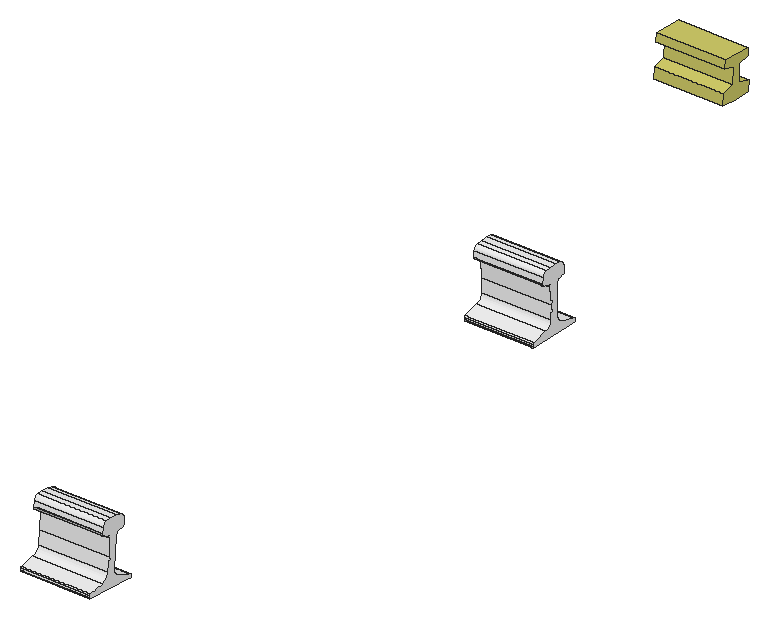
Revit family "L_Rails_ByLine", category Обобщенные модели, Revit 2021
Family settings
  Может служить основой для арматурных стержней = Нет
  Размер круглого соединителя = Использовать диаметр
  Тип детали = Нормальный
  При загрузке вырезать с полостями = Нет
  Общий = Нет
  Точка принадлежности помещению = Нет
Parameters (values of type "L")
  Default Elevation = 0 mm
  built-in parameter 1001306 [instance] = Length  # 200 mm
  Length [instance] = 200 mm
Reference planes
  plane 1 "По центру (Вперед/Назад)": y = 0
  plane 2: z = 0
  plane 3 "Слева": x = 0
  plane 4 "Справа": x = 200
Forms (mm)
  Sweep 1, solid, material "Металл - Сталь"
    path origin (0, -84.609, 0) x (1, 0, 0) y (0, 1, 0)
      loop
        line (0, 0) -> (200, 0)
    profile origin (100, -84.609, 0) x (0, 1, 0) y (0, 0, 1)
      loop
        arc (-895.274, 203.009) -> (-891.834, 209.185) -> (-885.515, 212.353) r 12
        line (-885.515, 212.353) -> (-872.857, 214.469)
        arc (-872.857, 214.469) -> (-869.914, 216.113) -> (-868.683, 219.251) r 5
        line (-868.683, 219.251) -> (-868.209, 235.062)
        arc (-868.209, 235.062) -> (-871.052, 244.369) -> (-879.008, 249.972) r 15
        arc (-879.008, 249.972) -> (-886.132, 251.68) -> (-893.383, 252.729) r 80
        arc (-893.383, 252.729) -> (-903.343, 253.627) -> (-913.32, 254.326) r 500
        arc (-913.32, 254.326) -> (-920.645, 254.445) -> (-927.951, 253.894) r 80
        arc (-927.951, 253.894) -> (-936.697, 249.628) -> (-940.986, 240.893) r 15
        line (-940.986, 240.893) -> (-943.035, 225.208)
        arc (-943.035, 225.208) -> (-942.32, 221.914) -> (-939.676, 219.823) r 5
        line (-939.676, 219.823) -> (-927.517, 215.718)
        arc (-927.517, 215.718) -> (-921.782, 211.584) -> (-919.369, 204.94) r 12
        arc (-919.369, 204.94) -> (-918.963, 181.037) -> (-920.102, 157.158) r 370
        arc (-920.102, 157.158) -> (-922.075, 138.206) -> (-924.949, 119.37) r 400
        arc (-924.949, 119.37) -> (-931.973, 105.966) -> (-945.444, 99.071) r 25
        line (-945.444, 99.071) -> (-988.507, 91.871)
        arc (-988.507, 91.871) -> (-990.794, 90.631) -> (-991.834, 88.245) r 4
        line (-991.834, 88.245) -> (-992.32, 82.186)
        arc (-992.32, 82.186) -> (-991.849, 80.729) -> (-990.486, 80.033) r 2
        line (-990.486, 80.033) -> (-844.952, 68.372)
        arc (-844.952, 68.372) -> (-843.496, 68.843) -> (-842.799, 70.206) r 2
        line (-842.799, 70.206) -> (-842.313, 76.266)
        arc (-842.313, 76.266) -> (-842.961, 78.786) -> (-845.021, 80.375) r 4
        line (-845.021, 80.375) -> (-886.389, 94.339)
        arc (-886.389, 94.339) -> (-898.589, 103.292) -> (-903.39, 117.643) r 25
        arc (-903.39, 117.643) -> (-903.228, 136.696) -> (-902.159, 155.72) r 400
        arc (-902.159, 155.72) -> (-899.481, 179.476) -> (-895.274, 203.009) r 370
  Sweep 2, solid, material "Металл - Сталь"
    path origin (0, 1492.188, 89.105) x (1, 0, 0) y (0, 1, 0)
      loop
        line (0, 0) -> (200, 0)
    profile origin (100, 1492.188, 89.105) x (0, 1, 0) y (0, 0, 1)
      loop
        arc (-880.636, 116.905) -> (-890.636, 116.822) -> (-900.633, 116.539) r 500
        arc (-900.633, 116.539) -> (-907.935, 115.939) -> (-915.151, 114.673) r 80
        arc (-915.151, 114.673) -> (-923.437, 109.57) -> (-926.848, 100.456) r 15
        line (-926.848, 100.456) -> (-927.348, 84.646)
        arc (-927.348, 84.646) -> (-926.313, 81.438) -> (-923.477, 79.616) r 5
        line (-923.477, 79.616) -> (-910.974, 76.724)
        arc (-910.974, 76.724) -> (-904.861, 73.173) -> (-901.808, 66.797) r 12
        arc (-901.808, 66.797) -> (-899.059, 43.049) -> (-897.85, 19.173) r 370
        arc (-897.85, 19.173) -> (-897.954, 0.12) -> (-898.967, -18.907) r 400
        arc (-898.967, -18.907) -> (-904.642, -32.935) -> (-917.371, -41.119) r 25
        line (-917.371, -41.119) -> (-959.52, -52.509)
        arc (-959.52, -52.509) -> (-961.675, -53.968) -> (-962.476, -56.444) r 4
        line (-962.476, -56.444) -> (-962.365, -62.521)
        arc (-962.365, -62.521) -> (-961.753, -63.925) -> (-960.328, -64.485) r 2
        line (-960.328, -64.485) -> (-814.353, -61.811)
        arc (-814.353, -61.811) -> (-812.949, -61.2) -> (-812.39, -59.775) r 2
        line (-812.39, -59.775) -> (-812.501, -53.697)
        arc (-812.501, -53.697) -> (-813.392, -51.252) -> (-815.599, -49.873) r 4
        line (-815.599, -49.873) -> (-858.137, -40.035)
        arc (-858.137, -40.035) -> (-871.157, -32.322) -> (-877.342, -18.511) r 25
        arc (-877.342, -18.511) -> (-879.05, 0.466) -> (-879.853, 19.503) r 400
        arc (-879.853, 19.503) -> (-879.518, 43.407) -> (-877.64, 67.239) r 370
        arc (-877.64, 67.239) -> (-874.823, 73.723) -> (-868.844, 77.495) r 12
        line (-868.844, 77.495) -> (-856.455, 80.843)
        arc (-856.455, 80.843) -> (-853.688, 82.768) -> (-852.771, 86.011) r 5
        line (-852.771, 86.011) -> (-853.85, 101.793)
        arc (-853.85, 101.793) -> (-857.592, 110.776) -> (-866.059, 115.572) r 15
        arc (-866.059, 115.572) -> (-873.317, 116.572) -> (-880.636, 116.905) r 80
  Sweep 3, solid, material "Steel_Yellow_ForContactRail"
    path origin (0, 2334.106, 314.974) x (1, 0, 0) y (0, 1, 0)
      loop
        line (0, 0) -> (200, 0)
    profile origin (100, 2334.106, 314.974) x (0, 1, 0) y (0, 0, 1)
      loop
        line (-1110.151, 151.342) -> (-1110.847, 128.875) -> (-1080.66, 120.336) -> (-1082.068, 75.348) -> (-1117.389, 67.734) -> (-1118.399, 35.031)
        arc (-1118.399, 35.031) -> (-1096.003, 32.779) -> (-1073.527, 31.537) r 500
        arc (-1073.527, 31.537) -> (-1050.979, 31.309) -> (-1028.443, 32.098) r 500
        line (-1028.443, 32.098) -> (-1027.44, 64.806) -> (-1062.085, 74.68) -> (-1060.679, 119.72) -> (-1029.914, 126.228) -> (-1029.193, 148.717) -> (-1069.655, 150.039) -> (-1110.151, 151.342)
Lines and regions (mm)
  reference lines
    curve 1: line (0, 0, 0) -> (200, 0, 0)
Dimensions and locks
  "built-in parameter 1001306": plane 3 "Слева" to plane 4 "Справа"
  "Length": Sweep 1 sketch curve to Sweep 1 sketch curve
  "Length": Sweep 2 sketch curve to Sweep 2 sketch curve
  "Length": Sweep 3 sketch curve to Sweep 3 sketch curve
  aligned and locked: plane 4 "Справа" to curve 1
  aligned and locked: plane 1 "По центру (Вперед/Назад)" to curve 1
  aligned and locked: plane 3 "Слева" to curve 1
  aligned and locked: level to plane 2
Automatic sketch dimensions
  profile plane to Sweep 2 sketch curve = 11.85 mm
  profile plane to Sweep 2 sketch curve = 1297.782 mm
  Sweep 2 sketch curve to Sweep 2 sketch curve = 29.995 mm  (x2)
  Sweep 2 sketch curve to profile plane = 56.444 mm
  Sweep 2 sketch curve to Sweep 2 sketch curve = 305.312 mm
  Sweep 2 sketch curve to profile plane = 62.521 mm
  Sweep 2 sketch curve to Sweep 2 sketch curve = 0.111 mm
  Sweep 2 sketch curve to Sweep 2 sketch curve = 2 mm  (x2)
  Sweep 2 sketch curve to profile plane = 64.485 mm
  Sweep 2 sketch curve to Sweep 2 sketch curve = 0.037 mm  (x2)
  Sweep 2 sketch curve to profile plane = 52.509 mm
  Sweep 2 sketch curve to Sweep 2 sketch curve = 2.956 mm
  Sweep 2 sketch curve to Sweep 2 sketch curve = 3.999 mm  (x2)
  profile plane to Sweep 2 sketch curve = 84.646 mm
  Sweep 2 sketch curve to Sweep 2 sketch curve = 32.172 mm
  profile plane to Sweep 2 sketch curve = 100.456 mm
  Sweep 2 sketch curve to Sweep 2 sketch curve = 0.501 mm
  Sweep 2 sketch curve to profile plane = 16.985 mm
  Sweep 2 sketch curve to Sweep 2 sketch curve = 35.627 mm
  profile plane to Sweep 2 sketch curve = 79.616 mm
  Sweep 2 sketch curve to Sweep 2 sketch curve = 3.871 mm
  Sweep 2 sketch curve to Sweep 2 sketch curve = 4.997 mm
  Sweep 2 sketch curve to profile plane = 41.119 mm
  Sweep 2 sketch curve to Sweep 2 sketch curve = 6.522 mm
  Sweep 2 sketch curve to Sweep 2 sketch curve = 9.8 mm
  Sweep 2 sketch curve to Sweep 2 sketch curve = 14.994 mm
  profile plane to Sweep 2 sketch curve = 76.724 mm
  Sweep 2 sketch curve to Sweep 2 sketch curve = 2.704 mm
  Sweep 2 sketch curve to Sweep 2 sketch curve = 15.942 mm
  Sweep 2 sketch curve to Sweep 2 sketch curve = 78.847 mm
  Sweep 2 sketch curve to Sweep 2 sketch curve = 17.132 mm
  profile plane to Sweep 2 sketch curve = 77.495 mm
  Sweep 2 sketch curve to Sweep 2 sketch curve = 42.129 mm
  Sweep 2 sketch curve to Sweep 2 sketch curve = 0.026 mm
  Sweep 2 sketch curve to Sweep 2 sketch curve = 3.13 mm
  Sweep 2 sketch curve to profile plane = 40.035 mm
  Sweep 2 sketch curve to Sweep 2 sketch curve = 40.83 mm
  Sweep 2 sketch curve to Sweep 2 sketch curve = 11.085 mm
  profile plane to Sweep 2 sketch curve = 80.843 mm
  Sweep 2 sketch curve to Sweep 2 sketch curve = 1.304 mm
  profile plane to Sweep 2 sketch curve = 101.793 mm
  Sweep 2 sketch curve to Sweep 2 sketch curve = 14.969 mm
  profile plane to Sweep 2 sketch curve = 86.011 mm
  Sweep 2 sketch curve to Sweep 2 sketch curve = 4.988 mm
  Sweep 2 sketch curve to profile plane = 15.678 mm
  Sweep 2 sketch curve to Sweep 2 sketch curve = 5.634 mm
  Sweep 2 sketch curve to Sweep 2 sketch curve = 41.636 mm
  Sweep 2 sketch curve to profile plane = 49.873 mm
  Sweep 2 sketch curve to Sweep 2 sketch curve = 0.901 mm
  Sweep 2 sketch curve to Sweep 2 sketch curve = 2.111 mm
  Sweep 2 sketch curve to profile plane = 61.811 mm
  Sweep 2 sketch curve to profile plane = 53.697 mm
  Sweep 2 sketch curve to profile plane = 59.775 mm
  profile plane to Sweep 2 sketch curve = 26.278 mm
  Sweep 2 sketch curve to Sweep 2 sketch curve = 302.586 mm
  Sweep 2 sketch curve to Sweep 2 sketch curve = 318.61 mm
  profile plane to Sweep 2 sketch curve = 12.399 mm
  Sweep 2 sketch curve to Sweep 2 sketch curve = 0.549 mm
  profile plane to Sweep 2 sketch curve = 36.591 mm
  Sweep 2 sketch curve to Sweep 2 sketch curve = 0.314 mm
  Sweep 2 sketch curve to Sweep 2 sketch curve = 11.691 mm
  Sweep 2 sketch curve to Sweep 2 sketch curve = 11.585 mm
  Sweep 2 sketch curve to Sweep 2 sketch curve = 0.416 mm
  Sweep 2 sketch curve to Sweep 2 sketch curve = 0.965 mm
  Sweep 2 sketch curve to Sweep 2 sketch curve = 3.298 mm
  Sweep 2 sketch curve to Sweep 2 sketch curve = 0 mm  (x3)
  Sweep 2 sketch curve to Sweep 2 sketch curve = 14.518 mm
  Sweep 2 sketch curve to Sweep 2 sketch curve = 11.817 mm
  Sweep 2 sketch curve to Sweep 2 sketch curve = 0.752 mm
  Sweep 3 sketch curve to Sweep 3 sketch curve = 0 mm  (x2)
  profile plane to Sweep 3 sketch curve = 35.031 mm
  profile plane to Sweep 3 sketch curve = 1118.399 mm
  profile plane to Sweep 3 sketch curve = 67.734 mm
  Sweep 3 sketch curve to Sweep 3 sketch curve = 1.011 mm
  profile plane to Sweep 3 sketch curve = 128.875 mm
  Sweep 3 sketch curve to Sweep 3 sketch curve = 6.542 mm
  profile plane to Sweep 3 sketch curve = 151.342 mm
  Sweep 3 sketch curve to Sweep 3 sketch curve = 0.696 mm
  profile plane to Sweep 3 sketch curve = 75.348 mm
  Sweep 3 sketch curve to Sweep 3 sketch curve = 35.321 mm
  profile plane to Sweep 3 sketch curve = 120.336 mm
  Sweep 3 sketch curve to Sweep 3 sketch curve = 30.187 mm
  profile plane to Sweep 3 sketch curve = 150.039 mm
  Sweep 3 sketch curve to Sweep 3 sketch curve = 11.005 mm
  profile plane to Sweep 3 sketch curve = 74.68 mm
  Sweep 3 sketch curve to Sweep 3 sketch curve = 19.983 mm
  profile plane to Sweep 3 sketch curve = 119.72 mm
  Sweep 3 sketch curve to Sweep 3 sketch curve = 19.98 mm
  Sweep 3 sketch curve to Sweep 3 sketch curve = 12.457 mm
  profile plane to Sweep 3 sketch curve = 126.228 mm
  Sweep 3 sketch curve to Sweep 3 sketch curve = 30.766 mm
  profile plane to Sweep 3 sketch curve = 148.717 mm
  Sweep 3 sketch curve to Sweep 3 sketch curve = 0.72 mm
  profile plane to Sweep 3 sketch curve = 32.098 mm
  Sweep 3 sketch curve to Sweep 3 sketch curve = 33.642 mm
  profile plane to Sweep 3 sketch curve = 64.806 mm
  Sweep 3 sketch curve to Sweep 3 sketch curve = 1.003 mm
  profile plane to Sweep 3 sketch curve = 31.537 mm
  level to Sweep 1 sketch curve = 189.103 mm
  profile plane to Sweep 1 sketch curve = 1318.824 mm
  Sweep 1 sketch curve to Sweep 1 sketch curve = 29.904 mm  (x2)
  level to Sweep 1 sketch curve = 82.186 mm
  Sweep 1 sketch curve to Sweep 1 sketch curve = 296.6 mm
  level to Sweep 1 sketch curve = 88.245 mm
  Sweep 1 sketch curve to Sweep 1 sketch curve = 0.485 mm
  level to Sweep 1 sketch curve = 80.033 mm
  Sweep 1 sketch curve to Sweep 1 sketch curve = 1.834 mm
  Sweep 1 sketch curve to Sweep 1 sketch curve = 0.16 mm  (x2)
  level to Sweep 1 sketch curve = 91.871 mm
  Sweep 1 sketch curve to Sweep 1 sketch curve = 3.328 mm
  Sweep 1 sketch curve to Sweep 1 sketch curve = 3.987 mm  (x2)
  Sweep 1 sketch curve to Sweep 1 sketch curve = 38.94 mm
  level to Sweep 1 sketch curve = 99.071 mm
  Sweep 1 sketch curve to Sweep 1 sketch curve = 4.122 mm
  Sweep 1 sketch curve to Sweep 1 sketch curve = 47.21 mm
  level to Sweep 1 sketch curve = 225.208 mm
  Sweep 1 sketch curve to Sweep 1 sketch curve = 6.531 mm
  Sweep 1 sketch curve to Sweep 1 sketch curve = 2.049 mm
  level to Sweep 1 sketch curve = 219.823 mm
  Sweep 1 sketch curve to Sweep 1 sketch curve = 3.359 mm
  Sweep 1 sketch curve to Sweep 1 sketch curve = 4.958 mm
  Sweep 1 sketch curve to Sweep 1 sketch curve = 8.322 mm
  level to Sweep 1 sketch curve = 215.718 mm
  Sweep 1 sketch curve to Sweep 1 sketch curve = 3.838 mm
  Sweep 1 sketch curve to Sweep 1 sketch curve = 14.881 mm
  Sweep 1 sketch curve to Sweep 1 sketch curve = 13.075 mm
  Sweep 1 sketch curve to Sweep 1 sketch curve = 17.08 mm
  level to Sweep 1 sketch curve = 94.339 mm
  Sweep 1 sketch curve to Sweep 1 sketch curve = 59.055 mm
  level to Sweep 1 sketch curve = 212.353 mm
  Sweep 1 sketch curve to Sweep 1 sketch curve = 42.002 mm
  Sweep 1 sketch curve to Sweep 1 sketch curve = 1.979 mm
  Sweep 1 sketch curve to Sweep 1 sketch curve = 2.314 mm
  Sweep 1 sketch curve to Sweep 1 sketch curve = 7.996 mm
  Sweep 1 sketch curve to Sweep 1 sketch curve = 11.834 mm
  level to Sweep 1 sketch curve = 214.469 mm
  Sweep 1 sketch curve to Sweep 1 sketch curve = 0.824 mm
  level to Sweep 1 sketch curve = 219.251 mm
  Sweep 1 sketch curve to Sweep 1 sketch curve = 4.998 mm
  level to Sweep 1 sketch curve = 235.062 mm
  Sweep 1 sketch curve to Sweep 1 sketch curve = 14.991 mm
  Sweep 1 sketch curve to Sweep 1 sketch curve = 40.088 mm
  level to Sweep 1 sketch curve = 80.375 mm
  Sweep 1 sketch curve to Sweep 1 sketch curve = 1.279 mm
  level to Sweep 1 sketch curve = 68.372 mm
  Sweep 1 sketch curve to Sweep 1 sketch curve = 1.348 mm
  level to Sweep 1 sketch curve = 70.206 mm
  Sweep 1 sketch curve to Sweep 1 sketch curve = 1.994 mm
  level to Sweep 1 sketch curve = 76.266 mm
  level to Sweep 1 sketch curve = 126.17 mm
  Sweep 1 sketch curve to Sweep 1 sketch curve = 308.973 mm
  Sweep 1 sketch curve to level = 244.775 mm
  Sweep 1 sketch curve to Sweep 1 sketch curve = 23.687 mm
  Sweep 1 sketch curve to Sweep 1 sketch curve = 24.658 mm
  Sweep 1 sketch curve to Sweep 1 sketch curve = 2.396 mm  (x2)
  Sweep 1 sketch curve to Sweep 1 sketch curve = 39.241 mm
  Sweep 1 sketch curve to Sweep 1 sketch curve = 1.368 mm
  Sweep 1 sketch curve to Sweep 1 sketch curve = 11.836 mm
  Sweep 1 sketch curve to Sweep 1 sketch curve = 11.37 mm
  Sweep 1 sketch curve to Sweep 1 sketch curve = 0.508 mm
  Sweep 1 sketch curve to Sweep 1 sketch curve = 14.447 mm
  Sweep 1 sketch curve to Sweep 1 sketch curve = 1.885 mm
  Sweep 1 sketch curve to Sweep 1 sketch curve = 1.846 mm
  Sweep 1 sketch curve to Sweep 1 sketch curve = 0 mm  (x4)
  Sweep 1 sketch curve to Sweep 1 sketch curve = 14.631 mm
  Sweep 1 sketch curve to Sweep 1 sketch curve = 10.183 mm
  Sweep 1 sketch curve to plane 3 "Слева" = 0 mm
  plane 1 "По центру (Вперед/Назад)" to Sweep 1 sketch curve = 84.609 mm
  Sweep 2 sketch curve to plane 3 "Слева" = 0 mm
  Sweep 2 sketch curve to plane 1 "По центру (Вперед/Назад)" = 1492.188 mm
  Sweep 3 sketch curve to plane 3 "Слева" = 0 mm
  Sweep 3 sketch curve to plane 1 "По центру (Вперед/Назад)" = 2334.106 mm
